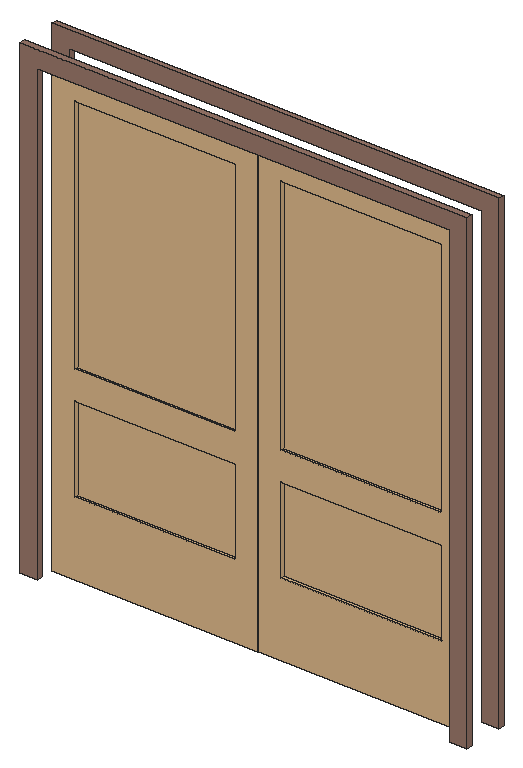
Revit family "0018_M_DR_W_double-pocket", category 문, Revit 2026
Family settings
  호스트 = 벽
  항상 수직 = 예
  로드될 때 보이드를 사용하여 절단 = 아니오
  공유 = 아니오
  룸 계산 점 = 아니오
Parameters (values of type "72" x 80"")
  조합 코드 = "C1020"
  기능 = 내부
  Door Material = Door - Panel
  Frame Material = Door - Frame
  Height = 6' - 8"
  Rail Width - Base = 1' - 1"
  Rail Width - Center = 0' - 5"
  Rail Width - Head = 0' - 5"
  Stile Width = 0' - 4"
  두께 = 0' - 1 1/2"
  Trim Projection Ext. = 0' - 1"
  Trim Projection Int. = 0' - 1"
  Trim Width = 0' - 3"
  벽 마무리 = 호스트별
  Width = 6' - 0"
  w0 = Width / 2  # 3' - 0"
  w1 = w0 + 0' 0 1/2"  # 3' - 0 1/2"
Types (5): name | 조합 코드 | Height | Rail Width - Base | Rail Width - Center | Rail Width - Head | Stile Width | 두께 | Trim Projection Ext. | Trim Projection Int. | Trim Width | Width | w0 | w1
  64" x 80" | "C1020" | 6' - 8" | 1' - 1" | 0' - 5" | 0' - 5" | 0' - 4" | 0' - 1 1/2" | 0' - 1" | 0' - 1" | 0' - 3" | 5' - 4" | 2' - 8" | 2' - 8 1/2"
  68" x 80" | "C1020" | 6' - 8" | 1' - 1" | 0' - 5" | 0' - 5" | 0' - 4" | 0' - 1 1/2" | 0' - 1" | 0' - 1" | 0' - 3" | 5' - 8" | 2' - 10" | 2' - 10 1/2"
  72" x 80" | "C1020" | 6' - 8" | 1' - 1" | 0' - 5" | 0' - 5" | 0' - 4" | 0' - 1 1/2" | 0' - 1" | 0' - 1" | 0' - 3" | 6' - 0" | 3' - 0" | 3' - 0 1/2"
  60" x 80" | "C1020" | 6' - 8" | 1' - 1" | 0' - 5" | 0' - 5" | 0' - 4" | 0' - 1 1/2" | 0' - 1" | 0' - 1" | 0' - 3" | 5' - 0" | 2' - 6" | 2' - 6 1/2"
  1524 x 2134mm | 0' - 0" | 7' - 0.01575" | 0' - 9.44882" | 0' - 4.92126" | 0' - 4.92126" | 0' - 3.93701" | 0' - 1.5748" | 0' - 0.98425" | 0' - 0.98425" | 0' - 2.95276" | 5' - 0" | 2' - 6" | 2' - 6 1/2"
Reference planes (in)
  plane 1: y = 0
  plane 2 "Center": x = 0
  plane 3 "Left": x = -36
  plane 4 "Right": x = 36
  plane 5 "Top": z = 80
  plane 6: z = 75
  plane 7: z = 33
  plane 8: z = 28
  plane 9: z = 13
  plane 10: x = 32
  plane 11: x = -32
  plane 12: x = 4
  plane 13: x = -4
  plane 14: y = 0.75
  plane 15: y = -0.75
  plane 16: x = 0.0625
  plane 17: x = -0.0625
  plane 18: y = 3
  plane 19: y = -3
  plane 20: y = 0.25
  plane 21: y = -0.25
Forms (in)
  Extrusion 1, solid, material "Door - Frame" <- "Frame Material"
    sketch origin (-90, 3, 0) x (-1, 0, 0) y (0, 0, 1)
      loop
        line (-126, 80) -> (-54, 80) -> (-54, 0) -> (-51, 0) -> (-51, 83) -> (-129, 83) -> (-129, 0) -> (-126, 0) -> (-126, 80)
    from 0 to 1
  Extrusion 2, solid, material "Door - Frame" <- "Frame Material"
    sketch origin (-90, -3, 0) x (1, 0, 0) y (0, 0, 1)
      loop
        line (54, 0) -> (54, 80) -> (126, 80) -> (126, 0) -> (129, 0) -> (129, 83) -> (51, 83) -> (51, 0) -> (54, 0)
    from 0 to 1
  Extrusion 3, void
    sketch origin (0, 0, 0) x (1, 0, 0) y (0, 1, 0)
      loop
        line (-72.5, -1.25) -> (-36, -1.25) -> (-36, -3) -> (36, -3) -> (36, -1.25) -> (72.5, -1.25) -> (72.5, 1.25) -> (36, 1.25) -> (36, 3) -> (-36, 3) -> (-36, 1.25) -> (-72.5, 1.25) -> (-72.5, -1.25)
    from 0 to 80
  Extrusion 4, solid, material "Door - Panel" <- "Door Material"
    sketch origin (0, 0, 0) x (1, 0, 0) y (0, 1, 0)
      loop
        line (0.0625, 0.75) -> (0.0625, -0.75) -> (36, -0.75) -> (36, 0.75) -> (0.0625, 0.75)
      loop
        line (-36, 0.75) -> (-36, -0.75) -> (-0.0625, -0.75) -> (-0.0625, 0.75) -> (-36, 0.75)
    from 0 to 80
  Extrusion 5, void
    sketch origin (-60, 3, 0) x (1, 0, 0) y (0, 0, 1)
      loop
        line (92, 75) -> (64, 75) -> (64, 33) -> (92, 33) -> (92, 75)
      loop
        line (92, 28) -> (64, 28) -> (64, 13) -> (92, 13) -> (92, 28)
      loop
        line (28, 13) -> (56, 13) -> (56, 28) -> (28, 28) -> (28, 13)
      loop
        line (28, 33) -> (56, 33) -> (56, 75) -> (28, 75) -> (28, 33)
    from 0 to 6
  Extrusion 6, solid, material "Door - Panel"
    sketch origin (0, 0, 0) x (1, 0, 0) y (0, 1, 0)
      loop
        line (-32, 0.25) -> (-32, -0.25) -> (-4, -0.25) -> (-4, 0.25) -> (-32, 0.25)
      loop
        line (4, 0.25) -> (4, -0.25) -> (32, -0.25) -> (32, 0.25) -> (4, 0.25)
    from 13 to 28
  Extrusion 7, solid, material "Door - Panel" <- "Door Material"
    sketch origin (0, 0, 0) x (1, 0, 0) y (0, 1, 0)
      loop
        line (-32, 0.25) -> (-32, -0.25) -> (-4, -0.25) -> (-4, 0.25) -> (-32, 0.25)
      loop
        line (4, 0.25) -> (4, -0.25) -> (32, -0.25) -> (32, 0.25) -> (4, 0.25)
    from 33 to 75
Cuts and joins
  Extrusion 3, Extrusion 5 cuts Extrusion 1
  Extrusion 3, Extrusion 5 cuts Extrusion 2
  Extrusion 5 cuts Extrusion 4
Lines and regions (in)
  symbolic lines, style "DoorsPanelProjection"
    curve 1: line (-30, 0.75, 0) -> (-66, 0.75, 0)
    curve 2: line (-30, -0.75, 0) -> (-30, 0.75, 0)
    curve 3: line (-66, -0.75, 0) -> (-30, -0.75, 0)
    curve 4: line (-66, 0.75, 0) -> (-66, -0.75, 0)
    curve 5: line (30, 0.75, 0) -> (30, -0.75, 0)
    curve 6: line (66, 0.75, 0) -> (66, -0.75, 0)
    curve 7: line (30, -0.75, 0) -> (66, -0.75, 0)
    curve 8: line (66, 0.75, 0) -> (30, 0.75, 0)
Text (in)
  text "Exterior" at (-72.1342, 25.76027, 0), in view "Floor Line"
  text "Interior" at (-72.1342, -29.25081, 0), in view "Floor Line"
  text "Exterior" at (0, 40.15149, 123.01588), in view "Right"
  text "Interior" at (0, -64.39139, 123.01588), in view "Right"
  text "Interior" at (0, -31.01599, 123.00693), in view "Left"
  text "Exterior" at (0, 54.57065, 123.00693), in view "Left"
Dimensions and locks (in)
  equal spacing: plane 3 "Left", plane 2 "Center", plane 4 "Right"
  "Height": level to plane 5 "Top"
  "Width": plane 3 "Left" to plane 4 "Right"
  "Trim Width": Extrusion 2 sketch curve to plane 3 "Left"
  "Trim Width": Extrusion 2 sketch curve to plane 4 "Right"
  "Trim Width": Extrusion 2 sketch curve to plane 5 "Top"
  "Trim Width": Extrusion 1 sketch curve to Extrusion 1 sketch curve  (x2)
  "Trim Width": Extrusion 1 sketch curve to plane 5 "Top"
  "Trim Projection Int.": Extrusion 2 to host wall
  "Trim Projection Ext.": Extrusion 1 to host wall
  "Stile Width": plane 4 "Right" to plane 10
  "Stile Width": plane 11 to plane 3 "Left"
  "Rail Width - Head": plane 6 to plane 5 "Top"
  "Rail Width - Center": plane 8 to plane 7
  "Rail Width - Base": host wall to plane 9
  plane 9 to plane 8 = 1' - 3"
  locked: plane 3 "Left" to curve 2 at 6
  "w0": curve 4 to curve 2
  equal spacing: curve 1, plane 1, curve 3
  "두께": curve 1 to curve 3
  equal spacing: Extrusion 3 sketch curve, plane 1, Extrusion 3 sketch curve  (x2)
  locked: curve 3 to Extrusion 3 sketch curve at 0.5
  "w1": Extrusion 3 sketch curve to plane 3 "Left"
  "w1": plane 4 "Right" to Extrusion 3 sketch curve
  "Stile Width": plane 2 "Center" to plane 12
  "Stile Width": plane 13 to plane 2 "Center"
  locked: curve 5 to plane 4 "Right" at 6
  "w0": curve 5 to curve 6
  equal spacing: curve 8, plane 1, curve 7
  "두께": curve 8 to curve 7
  locked: Extrusion 3 sketch curve to curve 7 at 0.5
  locked: curve 8 to Extrusion 3 sketch curve at 0.5
  locked: curve 1 to Extrusion 3 sketch curve at 0.5
  equal spacing: plane 15, plane 1, plane 14
  "두께": plane 15 to plane 14
  plane 17 to plane 16 = 0' - 0 1/8"
  equal spacing: plane 17, plane 2 "Center", plane 16
  locked: plane 18 to host wall
  locked: plane 19 to host wall
  equal spacing: plane 21, plane 1, plane 20
  locked: plane 21 to plane 20 at 0.5
  aligned and locked: plane 5 "Top" to Extrusion 1 sketch curve  (x2)
  aligned and locked: plane 3 "Left" to Extrusion 1 sketch curve
  aligned and locked: Extrusion 1 sketch curve to plane 3 "Left"
  aligned and locked: level to Extrusion 1 sketch curve
  aligned and locked: plane 4 "Right" to Extrusion 1 sketch curve
  aligned and locked: Extrusion 1 to host wall
  aligned and locked: plane 3 "Left" to Extrusion 2 sketch curve
  aligned and locked: plane 5 "Top" to Extrusion 2 sketch curve  (x2)
  aligned and locked: plane 4 "Right" to Extrusion 2 sketch curve  (x2)
  aligned and locked: level to Extrusion 2 sketch curve
  aligned and locked: Extrusion 2 sketch curve to level
  aligned and locked: Extrusion 3 to plane 5 "Top"
  aligned and locked: plane 14 to Extrusion 4 sketch curve
  aligned and locked: Extrusion 4 sketch curve to plane 15  (x2)
  aligned and locked: plane 4 "Right" to Extrusion 4 sketch curve
  aligned and locked: Extrusion 4 sketch curve to plane 16
  aligned and locked: Extrusion 4 sketch curve to plane 14
  aligned and locked: plane 17 to Extrusion 4 sketch curve
  aligned and locked: Extrusion 4 sketch curve to plane 3 "Left"
  aligned and locked: Extrusion 4 to plane 5 "Top"
  aligned and locked: plane 10 to Extrusion 5 sketch curve  (x2)
  aligned and locked: Extrusion 5 sketch curve to plane 6
  aligned and locked: plane 7 to Extrusion 5 sketch curve  (x2)
  aligned and locked: plane 12 to Extrusion 5 sketch curve  (x2)
  aligned and locked: Extrusion 5 sketch curve to plane 8
  aligned and locked: plane 9 to Extrusion 5 sketch curve  (x2)
  aligned and locked: plane 11 to Extrusion 5 sketch curve  (x2)
  aligned and locked: plane 8 to Extrusion 5 sketch curve
  aligned and locked: Extrusion 5 sketch curve to plane 13  (x2)
  aligned and locked: plane 6 to Extrusion 5 sketch curve
  aligned and locked: host wall to Extrusion 5  (x2)
  aligned and locked: Extrusion 3 sketch curve to host wall  (x2)
  aligned and locked: Extrusion 6 sketch curve to cut or joined group of Extrusion 4, Extrusion 5  (x4)
  aligned and locked: Extrusion 6 sketch curve to plane 21  (x2)
  aligned and locked: plane 20 to Extrusion 6 sketch curve
  aligned and locked: Extrusion 6 sketch curve to plane 20
  aligned and locked: Extrusion 6 to plane 8
  aligned and locked: plane 9 to Extrusion 6
  aligned and locked: Extrusion 7 sketch curve to plane 20
  aligned and locked: Extrusion 7 sketch curve to plane 21  (x2)
  aligned and locked: plane 11 to Extrusion 7 sketch curve
  aligned and locked: plane 20 to Extrusion 7 sketch curve
  aligned and locked: plane 13 to Extrusion 7 sketch curve
  aligned and locked: Extrusion 7 sketch curve to plane 10
  aligned and locked: Extrusion 7 sketch curve to plane 12
  aligned and locked: Extrusion 7 to plane 6
  aligned and locked: plane 7 to Extrusion 7
Automatic sketch dimensions
  Extrusion 1 sketch curve to level = 0' - 0"
  Extrusion 2 sketch curve to level = 0' - 0"
  Extrusion 3 sketch curve to plane 3 "Left" = 0' - 0"  (x2)
  Extrusion 3 sketch curve to plane 4 "Right" = 0' - 0"  (x2)
